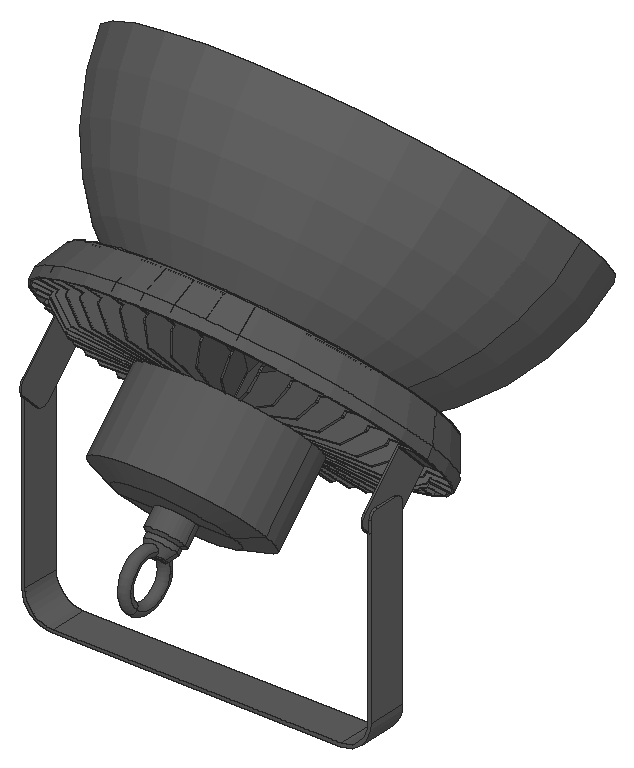
Revit family "0039364+0039355+0039360 Sylvania Lighting Fixture START HighBay IP65 DALI 26000lm 840 MB with BRACKET and ALU SHADE BLACK COLOR FOR 26KLM", category Lighting Fixtures, host Face, Revit 2016
Family settings
  Host = Face
  Part Type = Normal
  Round Connector Dimension = Use Diameter
  OmniClass Number = 23.80.70.00
  OmniClass Title = Lighting
  Cut with Voids When Loaded = No
  Light Source = No
  Shared = No
  Room Calculation Point = No
Parameters (values of type "0039364+0039355+0039360  START HighBay IP65 DALI 26000lm 840 MB with BRACKET and ALU SHADE BLACK COLOR FOR 26KLM")
  Weight = "3.7 kg"
  Wattage Comments = ""
  WarrantyStartDate [instance] = "n/a"
  WarrantyGuarantorParts = "n/a"
  WarrantyDurationUnit = "n/a"
  WarrantyDurationParts = "n/a"
  WarrantyDescription = "n/a"
  Voltage = 0 V
  URL = "http://www.sylvania-lighting.com"
  TypeName = "START HighBay IP65 DALI 26000lm 840 MB with BRACKET and ALU SHADE BLACK COLOR FOR 26KLM"
  TypeHead_FEILO = Start LED Highbay DALI Head : 0039364+0039355+0039360 START HighBay IP65 DALI 26000lm 840 MB with BRACKET and ALU SHADE BLACK COLOR FOR 26KLM
  Type Image = <None>
  Type Comments = "n/a"
  TiltAngle_FEILO [instance] = 45.00°
  ThicknessBracketPlate_FEILO = 3 mm
  SizeBracketS_FEILO = no
  SizeBracketM_FEILO = no
  SerialNumber [instance] = "n/a"
  RadiusBracketTop_FEILO = 7 mm
  RadiusBendOut_FEILO = if(SizeBracketS_FEILO, 18 mm, if(SizeBracketM_FEILO, 24 mm, 28 mm))  # 28 mm
  RadiusBendIn_FEILO = RadiusBendOut_FEILO - ThicknessBracketPlate_FEILO  # 25 mm
  Material_3_FEILO = none
  PowerFactor = 0.95
  PowerConsumption = "190 W"
  NominalLength = 339 mm
  NominalHeight = 189 mm
  NominalDepth = 339 mm
  Name = "START HighBay IP65 DALI 26000lm 840 MB with BRACKET and ALU SHADE BLACK COLOR FOR 26KLM"
  ModelReference = Name  # "START HighBay IP65 DALI 26000lm 840 MB with BRACKET and ALU SHADE BLACK COLOR FOR 26KLM"
  ModelNumber = "0039364+0039355+0039360"
  Model = Name  # "START HighBay IP65 DALI 26000lm 840 MB with BRACKET and ALU SHADE BLACK COLOR FOR 26KLM"
  Material = "aluminium alloy housing, polycarbonate diffuser"
  ManufacturerName = "Feilo Sylvania"
  Manufacturer = "Feilo Sylvania"
  LuminousEfficacy = "130 lm/W"
  LuminaireType = ""
  LightOutputRatio = "n/a"
  LampsType = Lamp  # "LED"
  LampNominalLuminous = "24700 lm"
  LampMacAdamStep = "6"
  LampColourTemperature = "4000 K"
  LampColourRenderingIndex = "80"
  Lamp = "LED"
  Keynote = "16500"
  InstallationDate [instance] = "n/a"
  InputVoltage = "n/a"
  InputNominalFrequency = "50/60 Hz"
  IngressProtection = "IP65"
  ImpactProtectionIndex = "IK08"
  IfcExportType = "IfcLightFixtureType"
  IfcExportAs = "IfcLightFixtureType"
  ExpectedLife = 50000
  EndAngle_FEILO [instance] = TiltAngle_FEILO + 180.00°  # 225.00°
  ElectricShockClassification = "Class I"
  DurationUnit = "hours"
  DocumentationLiterature = "http://www.sylvania-lighting.com/product/en-int/products/0039364"
  DimmingControlOptions = "Dimmable"
  Material_2_FEILO = none
  Description = "START Highbay, includes 1 m cables, black aluminium housing, 24,700 Lm, 190 W, 130 Lm/W, 4000 K, drive current: 4100 mA, CRI 80, 60° beam angle, DALI dimmable, IP65, IK08, 50,000 hrs (L80/B50), (D x H) 339 x 189 mm."
  Default Elevation = 1219.2 mm
  CreatedOn = "5/15/2018"
  CreatedBy = "aron.fodor@sylvania-lighting.com"
  Cost = 0
  built-in parameter 1114216 [instance] = (empty or 0)
  ClassificationValue = "EF_70_80"
  ClassificationName = "Uniclass2015"
  Material_1_FEILO = Body-Sylvania-StartHighbay-Black
  BracketHeight_FEILO = if(SizeBracketS_FEILO, 199.5 mm, if(SizeBracketM_FEILO, 209.6 mm, 201.3 mm))  # 201.3 mm
  BracketDistanceInner_FEILO = if(SizeBracketS_FEILO, 249.4 mm, if(SizeBracketM_FEILO, 273.6 mm, 313.2 mm))  # 313.2 mm
  BarCode [instance] = "n/a"
  AssetType = "Fixed"
  AssetIdentifier [instance] = "n/a"
  Assembly Code = "D5020200"
  Apparent Load = 190 VA
  Material_4_FEILO = none
Reference planes
  plane 1 "Center (Front/Back)": y = 0
  plane 2: z = 0
  plane 3 "Center (Left/Right)": x = 0
  plane 4: x = -159.6
  plane 5: x = 159.6
  plane 6: z = 201.3
  plane 7: x = -156.6
  plane 8: z = 3
  plane 9: x = 156.6
  plane 10: y = 17.5
  plane 11: y = -17.5
  plane 12: y = -19.5
  plane 13: z = 203.3
  plane 14: y = 19.5
  plane 15: z = 192.3
Forms (mm)
  Extrusion 1, solid, material "Body-Sylvania-StartHighbay-Black" <- "Material_1_FEILO"
    sketch origin (0, 0, 0) x (1, 0, 0) y (0, 0, 1)
      loop
        line (-159.6, 201.3) -> (-159.6, 28)
        arc (-159.6, 28) -> (-151.399, 8.201) -> (-131.6, 0) r 28
        line (-131.6, 0) -> (131.6, 0)
        arc (131.6, 0) -> (151.399, 8.201) -> (159.6, 28) r 28
        line (159.6, 28) -> (159.6, 201.3) -> (156.6, 201.3) -> (156.6, 28)
        arc (156.6, 28) -> (149.278, 10.322) -> (131.6, 3) r 25
        line (131.6, 3) -> (-131.6, 3)
        arc (-131.6, 3) -> (-149.278, 10.322) -> (-156.6, 28) r 25
        line (-156.6, 28) -> (-156.6, 201.3) -> (-159.6, 201.3)
    from -17.5 to 17.5
  Extrusion 2, void
    sketch origin (0, 0, 0) x (0, 1, 0) y (0, 0, 1)
      loop
        arc (10.5, 201.3) -> (15.45, 199.25) -> (17.5, 194.3) r 7
        line (17.5, 194.3) -> (19.5, 194.3) -> (19.5, 203.3) -> (-19.5, 203.3) -> (-19.5, 194.3) -> (-17.5, 194.3)
        arc (-17.5, 194.3) -> (-15.45, 199.25) -> (-10.5, 201.3) r 7
        line (-10.5, 201.3) -> (10.5, 201.3)
    from -159.6 to 159.6
  Revolve 3, solid, not visible
    sketch origin (1223.4, -4572, 192.3) x (0, -1, 0) y (1, 0, 0)
      loop
        line (-4572, -1223.4) -> (-4591.5, -1223.4) -> (-4591.5, -1277.783) -> (-4572, -1277.783) -> (-4572, -1223.4)
      axis (-4572, -1223.4) -> (-4572, -1277.783)
    angle from 45 <- "TiltAngle_FEILO" to 225 <- "EndAngle_FEILO"
Cuts and joins
  Extrusion 2 cuts Extrusion 1
Dimensions and locks
  "BracketHeight_FEILO": plane 6 to plane 2
  equal spacing: plane 11, plane 1 "Center (Front/Back)", plane 10
  locked: plane 11 to plane 10 at 35
  equal spacing: plane 9, plane 3 "Center (Left/Right)", plane 7
  "BracketDistanceInner_FEILO": plane 9 to plane 7
  "ThicknessBracketPlate_FEILO": plane 7 to plane 4
  "ThicknessBracketPlate_FEILO": plane 8 to plane 2
  equal spacing: plane 5, plane 3 "Center (Left/Right)", plane 4
  equal spacing: plane 12, plane 1 "Center (Front/Back)", plane 14
  locked: plane 6 to plane 13 at 2
  locked: plane 12 to plane 11 at 2
  locked: plane 6 to plane 15 at 9
  "RadiusBendOut_FEILO": radius of Extrusion 1 sketch curve  (x2)
  "RadiusBendIn_FEILO": radius of Extrusion 1 sketch curve  (x2)
  "RadiusBracketTop_FEILO": radius of Extrusion 2 sketch curve  (x2)
  aligned and locked: plane 2 to host face
  aligned and locked: level to host face
  aligned and locked: Extrusion 1 sketch curve to plane 4
  aligned and locked: Extrusion 1 sketch curve to level
  aligned and locked: plane 6 to Extrusion 1 sketch curve
  aligned and locked: Extrusion 1 sketch curve to plane 6
  aligned and locked: Extrusion 1 sketch curve to plane 7
  aligned and locked: plane 9 to Extrusion 1 sketch curve
  aligned and locked: plane 8 to Extrusion 1 sketch curve
  aligned and locked: Extrusion 1 to plane 10
  aligned and locked: plane 11 to Extrusion 1
  aligned and locked: Extrusion 1 to Extrusion 2 sketch curve
  aligned and locked: plane 14 to Extrusion 2 sketch curve  (x2)
  aligned and locked: Extrusion 2 sketch curve to plane 12
  aligned and locked: plane 13 to Extrusion 2 sketch curve
  aligned and locked: plane 5 to Extrusion 2
  aligned and locked: Extrusion 2 to plane 4
  aligned and locked: Revolve 3 sketch curve to plane 1 "Center (Front/Back)"
  aligned and locked: Revolve 3 sketch curve to Revolve 3 sketch curve
  aligned and locked: plane 3 "Center (Left/Right)" to Revolve 3 sketch curve
  aligned and locked: Revolve 3 sketch curve to plane 14
  aligned and locked: nested 1 to plane 3 "Center (Left/Right)"
Automatic sketch dimensions
  host sketch curve to host sketch curve = 2438.4 mm  (x2)
  Revolve 3 sketch curve to Revolve 3 sketch curve = 54.383 mm
  Revolve 3 sketch curve to plane 4 = 1396.3 mm
  plane 5 to Revolve 3 sketch curve = 1396.3 mm
  Extrusion 1 sketch curve to Extrusion 1 sketch curve = 0 mm
  Extrusion 2 sketch curve to plane 11 = 0 mm
  Extrusion 2 sketch curve to plane 10 = 0 mm
Nested families
  nested 1: "Start LED Highbay DALI Head" at (0, 0, 192.3) x (-1, 0, 0) z (0, 0.7071, 0.7071), type <- "TypeHead_FEILO", type "0039364+0039355+0039360 START HighBay IP65 DALI 26000lm 840 MB with BRACKET and ALU SHADE BLACK COLOR FOR 26KLM"
    with built-in parameter 1114216 (empty or 0)
Connectors
  electrical at (0, 0, 0), driven by "Apparent Load", driven by "PowerFactor", driven by "Voltage"
    settings: index 1, voltage 0 V, apparent load 190 VA, apparent load phase1 0 VA, apparent load phase2 0 VA, apparent load phase3 0 VA, power factor 0.95, load classification "Lighting", number of poles 1, system type 30, power factor state 1, is connector primary yes, connector utility no, sub classification motor no, connector description ""
Definition of nested family "Start LED Highbay DALI Head"
  Parameters (values of type "0039367+0039355+0039361 START HighBay IP65 DALI 26000lm 840 WB with BRACKET and PC LAMPSHADE TRANSPARENT FOR 26KLM")
    X_FEILO = if(SizeS_FEILO, 60.3 mm, if(SizeM_FEILO, 70.4 mm, 83.5 mm))  # 83.5 mm
    WidthStraight_FEILO = if(SizeS_FEILO, 3 mm, if(SizeM_FEILO, 4 mm, 4.7 mm))  # 4.7 mm
    WidthRingChamfer_FEILO = if(SizeS_FEILO, 10.3 mm, if(SizeM_FEILO, 11.2 mm, 12.9 mm))  # 12.9 mm
    WidthCurved_FEILO = if(SizeS_FEILO, 17.4 mm, if(SizeM_FEILO, 16.4 mm, 26.2 mm))  # 26.2 mm
    WidthCurvedRing_FEILO = if(SizeS_FEILO, 3 mm, if(SizeM_FEILO, 4 mm, 4.7 mm))  # 4.7 mm
    WidthBracket_FEILO = 40 mm
    Wattage Comments = ""
    Wattage = 190 W
    built-in parameter 1150110 = 1 (stored number, unit not read)
    URL = "http://www.sylvania-lighting.com"
    Type Image = (empty or 0)
    Type Comments = "n/a"
    built-in parameter 1114217 = 1 (stored number, unit not read)
    Tilt Angle = -90.00°
    ThicknessWall_FEILO = 1.5 mm
    ThicknessBracket_FEILO = 1.5 mm
    ThicknessBracketHalf_FEILO = ThicknessBracket_FEILO / 2  # 0.75 mm
    built-in parameter 1150109 = 1 (stored number, unit not read)
    built-in parameter 1150134 = 1
    built-in parameter 1150113 = 1 (stored number, unit not read)
    SizeS_FEILO = no
    SizeM_FEILO = no
    ShadeThickness_FEILO = 3 mm
    ShadeSizeSM_FEILO = or(SizeS_FEILO, SizeM_FEILO)  # no
    ShadeRadiusOut_FEILO = 205 mm
    ShadeRadiusIn_FEILO = if(ShadeSizeSM_FEILO, 95 mm, 121 mm)  # 121 mm
    ShadeRadiusBend_FEILO = if(ShadeSizeSM_FEILO, 210 mm, 210 mm)  # 210 mm
    ShadeOn_FEILO = yes
    ShadeHeight_FEILO = if(ShadeSizeSM_FEILO, 120 mm, 151 mm)  # 151 mm
    Rib4_FEILO = if(SizeS_FEILO, 18.1 mm, if(SizeM_FEILO, 13.6 mm, 14.6 mm))  # 14.6 mm
    Rib3_FEILO = if(SizeS_FEILO, 15.3 mm, if(SizeM_FEILO, 17.6 mm, 20.2 mm))  # 20.2 mm
    Rib2_FEILO = if(SizeS_FEILO, 3.6 mm, if(SizeM_FEILO, 3.9 mm, 4.5 mm))  # 4.5 mm
    Rib1_FEILO = if(SizeS_FEILO, 15.1 mm, if(SizeM_FEILO, 16.5 mm, 19 mm))  # 19 mm
    RadiusDiffuser_FEILO = if(SizeS_FEILO, 95.2 mm, if(SizeM_FEILO, 105.3 mm, 120 mm))  # 120 mm
    RadiusArrayPost_FEILO = DriverRadius_FEILO - 6 mm  # 70.4 mm
    RHRadius3_FEILO = if(SizeS_FEILO, 6.6 mm, if(SizeM_FEILO, 7.4 mm, 8.6 mm))  # 8.6 mm
    RHRadius2_FEILO = if(SizeS_FEILO, 11 mm, if(SizeM_FEILO, 12 mm, 14 mm))  # 14 mm
    RHRadius1_FEILO = if(SizeS_FEILO, 13.6 mm, if(SizeM_FEILO, 14.9 mm, 17.7 mm))  # 17.7 mm
    RHHeight4_FEILO = if(SizeS_FEILO, 7.3 mm, if(SizeM_FEILO, 8 mm, 9.2 mm))  # 9.2 mm
    RHHeight3_FEILO = if(SizeS_FEILO, 3.6 mm, if(SizeM_FEILO, 3.7 mm, 4.6 mm))  # 4.6 mm
    RHHeight2_FEILO = if(SizeS_FEILO, 2 mm, if(SizeM_FEILO, 2.2 mm, 2.6 mm))  # 2.6 mm
    RHHeight1_FEILO = if(SizeS_FEILO, 11.8 mm, if(SizeM_FEILO, 15.3 mm, 17.4 mm))  # 17.4 mm
    Photometric Web File = "0039367+0039361.ies"
    Material_5_FEILO = none
    Material_3_FEILO = none
    Model = "START HighBay IP65 DALI 26000lm 840 WB with BRACKET and PC LAMPSHADE TRANSPARENT FOR 26KLM"
    Manufacturer = "Feilo Sylvania"
    built-in parameter 1150105 = 33385.3 (stored number, unit not read)
    Lumens = 24700 lm
    built-in parameter 1150115 = 1 (stored number, unit not read)
    built-in parameter 1150137 = (empty or 0)
    built-in parameter 1150139 = (empty or 0)
    built-in parameter 1150112 = 1 (stored number, unit not read)
    built-in parameter 1150114 = 1 (stored number, unit not read)
    Lamp = "LED"
    Keynote = "16500"
    built-in parameter 1150132 = (empty or 0)
    built-in parameter 1150102 = (empty or 0)
    built-in parameter 1150107 = 6500 (stored number, unit not read)
    built-in parameter 1150138 = (empty or 0)
    built-in parameter 1150106 = 333.85 (stored number, unit not read)
    HeightRing_FEILO = if(SizeS_FEILO, 19.8 mm, if(SizeM_FEILO, 32 mm, 36.8 mm))  # 36.8 mm
    HeightRingChamfer_FEILO = if(SizeS_FEILO, 11.7 mm, if(SizeM_FEILO, 23.2 mm, 26.6 mm))  # 26.6 mm
    EyeThickness_FEILO = if(SizeS_FEILO, 8.4 mm, if(SizeM_FEILO, 9.2 mm, 10.5 mm))  # 10.5 mm
    EyeThicknessHalf_FEILO = EyeThickness_FEILO / 2  # 5.25 mm
    EyeInner_FEILO = if(SizeS_FEILO, 13.8 mm, if(SizeM_FEILO, 15.1 mm, 17.3 mm))  # 17.3 mm
    Emit from Circle Diameter = RadiusDiffuser_FEILO * 2  # 240 mm
    Emit Shape Visible in Rendering = no
    built-in parameter 1150104 = 12.077 (stored number, unit not read)
    DriverVerticalStraight_FEILO = if(SizeS_FEILO, 46.5 mm, if(SizeM_FEILO, 49.7 mm, 57 mm))  # 57 mm
    DriverVerticalChamfer_FEILO = if(SizeS_FEILO, 7.5 mm, if(SizeM_FEILO, 8.2 mm, 9.5 mm))  # 9.5 mm
    DriverRadius_FEILO = if(SizeS_FEILO, 61.4 mm, if(SizeM_FEILO, 67.2 mm, 76.4 mm))  # 76.4 mm
    DriverRadiusTop_FEILO = if(SizeS_FEILO, 42 mm, if(SizeM_FEILO, 45.3 mm, 52.4 mm))  # 52.4 mm
    DriverBottom_FEILO = if(SizeS_FEILO, 56 mm, if(SizeM_FEILO, 64.5 mm, 74 mm))  # 74 mm
    Material_2_FEILO = none
    Radius_FEILO = if(SizeS_FEILO, 135 mm, if(SizeM_FEILO, 148 mm, 169.5 mm))  # 169.5 mm
    Dimming Lamp Color Temperature Shift = (empty or 0)
    DiameterWire_FEILO = 3 mm
    DiameterWireSupport_FEILO = 10 mm
    Description = "START Highbay, includes 1 m cables, black aluminium housing, 24,700 Lm, 190 W, 130 Lm/W, 6500 K, drive current: 4100 mA, CRI 80, 90° beam angle, DALI dimmable, IP65, IK08, 50,000 hrs (L80/B50), (D x H) 339 x 189 mm."
    Default Elevation = 1219.2 mm
    Cost = 0
    Color Filter = 16777215
    built-in parameter 1114216 [instance] = (empty or 0)
    Material_1_FEILO = none
    built-in parameter 1114218 = 1 (stored number, unit not read)
    built-in parameter 1150133 = 10 (stored number, unit not read)
    Assembly Code = "D5020200"
    Apparent Load = 190 VA
    Material_4_FEILO = none
  Types (24, lengths in mm): name | X_FEILO | WidthStraight_FEILO | WidthRingChamfer_FEILO | WidthCurved_FEILO | WidthCurvedRing_FEILO | Wattage | built-in parameter 1150134 | SizeS_FEILO | SizeM_FEILO | ShadeSizeSM_FEILO | ShadeRadiusIn_FEILO | ShadeOn_FEILO | ShadeHeight_FEILO | Rib4_FEILO | Rib3_FEILO | Rib2_FEILO | Rib1_FEILO | RadiusDiffuser_FEILO | RadiusArrayPost_FEILO | RHRadius3_FEILO | RHRadius2_FEILO | RHRadius1_FEILO | RHHeight4_FEILO | RHHeight3_FEILO | RHHeight2_FEILO | RHHeight1_FEILO | Photometric Web File | Model | built-in parameter 1150105 | Lumens | built-in parameter 1150107 | built-in parameter 1150106 | HeightRing_FEILO | HeightRingChamfer_FEILO | EyeThickness_FEILO | EyeThicknessHalf_FEILO | EyeInner_FEILO | Emit from Circle Diameter | DriverVerticalStraight_FEILO | DriverVerticalChamfer_FEILO | DriverRadius_FEILO | DriverRadiusTop_FEILO | DriverBottom_FEILO | Radius_FEILO | Description | Apparent Load
    0039367+0039355+0039361 START HighBay IP65 DALI 26000lm 840 WB with BRACKET and PC LAMPSHADE TRANSPARENT FOR 26KLM | 83.5 | 4.7 | 12.9 | 26.2 | 4.7 | 190 W | 1 | no | no | no | 121 | yes | 151 | 14.6 | 20.2 | 4.5 | 19 | 120 | 70.4 | 8.6 | 14 | 17.7 | 9.2 | 4.6 | 2.6 | 17.4 | "0039367+0039361.ies" | "START HighBay IP65 DALI 26000lm 840 WB with BRACKET and PC LAMPSHADE TRANSPARENT FOR 26KLM" | 33385.3 (stored number, unit not read) | 24700 lm | 6500 (stored number, unit not read) | 333.85 (stored number, unit not read) | 36.8 | 26.6 | 10.5 | 5.25 | 17.3 | 240 | 57 | 9.5 | 76.4 | 52.4 | 74 | 169.5 | "START Highbay, includes 1 m cables, black aluminium housing, 24,700 Lm, 190 W, 130 Lm/W, 6500 K, drive current: 4100 mA, CRI 80, 90° beam angle, DALI dimmable, IP65, IK08, 50,000 hrs (L80/B50), (D x H) 339 x 189 mm." | 190 VA
    0039367+0039355+0039360 START HighBay IP65 DALI 26000lm 840 WB with BRACKET and ALU SHADE BLACK COLOR FOR 26KLM | 83.5 | 4.7 | 12.9 | 26.2 | 4.7 | 190 W | 1 | no | no | no | 121 | yes | 151 | 14.6 | 20.2 | 4.5 | 19 | 120 | 70.4 | 8.6 | 14 | 17.7 | 9.2 | 4.6 | 2.6 | 17.4 | "0039367+0039360.ies" | "START HighBay IP65 DALI 26000lm 840 WB with BRACKET and ALU SHADE BLACK COLOR FOR 26KLM" | 33569.2 (stored number, unit not read) | 24700 lm | 6500 (stored number, unit not read) | 335.69 (stored number, unit not read) | 36.8 | 26.6 | 10.5 | 5.25 | 17.3 | 240 | 57 | 9.5 | 76.4 | 52.4 | 74 | 169.5 | "START Highbay, includes 1 m cables, black aluminium housing, 24,700 Lm, 190 W, 130 Lm/W, 6500 K, drive current: 4100 mA, CRI 80, 90° beam angle, DALI dimmable, IP65, IK08, 50,000 hrs (L80/B50), (D x H) 339 x 189 mm." | 190 VA
    0039367+0039355+0039359 START HighBay IP65 DALI 26000lm 840 WB with BRACKET and ALU SHADE ALU COLOR FOR 26KLM | 83.5 | 4.7 | 12.9 | 26.2 | 4.7 | 190 W | 1 | no | no | no | 121 | yes | 151 | 14.6 | 20.2 | 4.5 | 19 | 120 | 70.4 | 8.6 | 14 | 17.7 | 9.2 | 4.6 | 2.6 | 17.4 | "0039367+0039359.ies" | "START HighBay IP65 DALI 26000lm 840 WB with BRACKET and ALU SHADE ALU COLOR FOR 26KLM" | 33569.2 (stored number, unit not read) | 24700 lm | 6500 (stored number, unit not read) | 335.69 (stored number, unit not read) | 36.8 | 26.6 | 10.5 | 5.25 | 17.3 | 240 | 57 | 9.5 | 76.4 | 52.4 | 74 | 169.5 | "START Highbay, includes 1 m cables, black aluminium housing, 24,700 Lm, 190 W, 130 Lm/W, 6500 K, drive current: 4100 mA, CRI 80, 90° beam angle, DALI dimmable, IP65, IK08, 50,000 hrs (L80/B50), (D x H) 339 x 189 mm." | 190 VA
    0039367+0039355 START HighBay IP65 DALI 26000lm 840 WB with BRACKET | 83.5 | 4.7 | 12.9 | 26.2 | 4.7 | 190 W | 1 | no | no | no | 121 | no | 151 | 14.6 | 20.2 | 4.5 | 19 | 120 | 70.4 | 8.6 | 14 | 17.7 | 9.2 | 4.6 | 2.6 | 17.4 | "0039367.ies" | "START HighBay IP65 DALI 26000lm 840 WB with BRACKET" | 13532 (stored number, unit not read) | 24700 lm | 6500 (stored number, unit not read) | 135.32 (stored number, unit not read) | 36.8 | 26.6 | 10.5 | 5.25 | 17.3 | 240 | 57 | 9.5 | 76.4 | 52.4 | 74 | 169.5 | "START Highbay, includes 1 m cables, black aluminium housing, 24,700 Lm, 190 W, 130 Lm/W, 6500 K, drive current: 4100 mA, CRI 80, 90° beam angle, DALI dimmable, IP65, IK08, 50,000 hrs (L80/B50), (D x H) 339 x 189 mm." | 190 VA
    0039366+0039354+0039358 START HighBay IP65 DALI 19000lm 840 WB with BRACKET and PC LAMPSHADE TRANSPARENT 13/19KLM | 70.4 | 4 | 11.2 | 16.4 | 4 | 150 W | 1 | no | yes | yes | 95 | yes | 120 | 13.6 | 17.6 | 3.9 | 16.5 | 105.3 | 61.2 | 7.4 | 12 | 14.9 | 8 | 3.7 | 2.2 | 15.3 | "0039366+0039358.ies" | "START HighBay IP65 DALI 19000lm 840 WB with BRACKET and PC LAMPSHADE TRANSPARENT 13/19KLM" | 26356.9 (stored number, unit not read) | 19500 lm | 6500 (stored number, unit not read) | 263.57 (stored number, unit not read) | 32 | 23.2 | 9.2 | 4.6 | 15.1 | 210.6 | 49.7 | 8.2 | 67.2 | 45.3 | 64.5 | 148 | "START Highbay, includes 1 m cables, black aluminium housing, 19,500 Lm, 150 W, 130 Lm/W, 6500 K, drive current: 3300 mA, CRI 80, 90° beam angle, DALI dimmable, IP65, IK08, 50,000 hrs (L80/B50), (D x H) 296 x 172 mm." | 150 VA
    0039366+0039354+0039357 START HighBay IP65 DALI 19000lm 840 WB with BRACKET and ALU SHADE BLACK COLOR FOR 13/19KLM | 70.4 | 4 | 11.2 | 16.4 | 4 | 150 W | 1 | no | yes | yes | 95 | yes | 120 | 13.6 | 17.6 | 3.9 | 16.5 | 105.3 | 61.2 | 7.4 | 12 | 14.9 | 8 | 3.7 | 2.2 | 15.3 | "0039366+0039357.ies" | "START HighBay IP65 DALI 19000lm 840 WB with BRACKET and ALU SHADE BLACK COLOR FOR 13/19KLM" | 26502 (stored number, unit not read) | 19500 lm | 6500 (stored number, unit not read) | 265.02 (stored number, unit not read) | 32 | 23.2 | 9.2 | 4.6 | 15.1 | 210.6 | 49.7 | 8.2 | 67.2 | 45.3 | 64.5 | 148 | "START Highbay, includes 1 m cables, black aluminium housing, 19,500 Lm, 150 W, 130 Lm/W, 6500 K, drive current: 3300 mA, CRI 80, 90° beam angle, DALI dimmable, IP65, IK08, 50,000 hrs (L80/B50), (D x H) 296 x 172 mm." | 150 VA
    0039366+0039354+0039356 START HighBay IP65 DALI 19000lm 840 WB with BRACKET and ALU SHADE ALU COLOR FOR 13/19KLM | 70.4 | 4 | 11.2 | 16.4 | 4 | 150 W | 1 | no | yes | yes | 95 | yes | 120 | 13.6 | 17.6 | 3.9 | 16.5 | 105.3 | 61.2 | 7.4 | 12 | 14.9 | 8 | 3.7 | 2.2 | 15.3 | "0039366+0039356.ies" | "START HighBay IP65 DALI 19000lm 840 WB with BRACKET and ALU SHADE ALU COLOR FOR 13/19KLM" | 26502 (stored number, unit not read) | 19500 lm | 6500 (stored number, unit not read) | 265.02 (stored number, unit not read) | 32 | 23.2 | 9.2 | 4.6 | 15.1 | 210.6 | 49.7 | 8.2 | 67.2 | 45.3 | 64.5 | 148 | "START Highbay, includes 1 m cables, black aluminium housing, 19,500 Lm, 150 W, 130 Lm/W, 6500 K, drive current: 3300 mA, CRI 80, 90° beam angle, DALI dimmable, IP65, IK08, 50,000 hrs (L80/B50), (D x H) 296 x 172 mm." | 150 VA
    0039366+0039354 START HighBay IP65 DALI 19000lm 840 WB with BRACKET | 70.4 | 4 | 11.2 | 16.4 | 4 | 150 W | 1 | no | yes | yes | 95 | no | 120 | 13.6 | 17.6 | 3.9 | 16.5 | 105.3 | 61.2 | 7.4 | 12 | 14.9 | 8 | 3.7 | 2.2 | 15.3 | "0039366.ies" | "START HighBay IP65 DALI 19000lm 840 WB with BRACKET" | 10981.5 (stored number, unit not read) | 19500 lm | 6500 (stored number, unit not read) | 109.82 (stored number, unit not read) | 32 | 23.2 | 9.2 | 4.6 | 15.1 | 210.6 | 49.7 | 8.2 | 67.2 | 45.3 | 64.5 | 148 | "START Highbay, includes 1 m cables, black aluminium housing, 19,500 Lm, 150 W, 130 Lm/W, 6500 K, drive current: 3300 mA, CRI 80, 90° beam angle, DALI dimmable, IP65, IK08, 50,000 hrs (L80/B50), (D x H) 296 x 172 mm." | 150 VA
    0039365+0039353+0039358 START HighBay IP65 DALI 13000lm 840 WB with BRACKET and PC LAMPSHADE TRANSPARENT 13/19KLM | 60.3 | 3 | 10.3 | 17.4 | 3 | 90 W | 1 | yes | no | yes | 95 | yes | 120 | 18.1 | 15.3 | 3.6 | 15.1 | 95.2 | 55.4 | 6.6 | 11 | 13.6 | 7.3 | 3.6 | 2 | 11.8 | "0039365+0039358.ies" | "START HighBay IP65 DALI 13000lm 840 WB with BRACKET and PC LAMPSHADE TRANSPARENT 13/19KLM" | 15814.1 (stored number, unit not read) | 11700 lm | 6500 (stored number, unit not read) | 158.14 (stored number, unit not read) | 19.8 | 11.7 | 8.4 | 4.2 | 13.8 | 190.4 | 46.5 | 7.5 | 61.4 | 42 | 56 | 135 | "START Highbay, includes 1 m cables, black aluminium housing, 11,700 Lm, 90 W, 130 Lm/W, 6500 K, drive current: 2000 mA, CRI 80, 90° beam angle, DALI dimmable, IP65, IK08, 50,000 hrs (L80/B50), (D x H) 270 x 175 mm." | 90 VA
    0039365+0039353+0039357 START HighBay IP65 DALI 13000lm 840 WB with BRACKET and ALU SHADE BLACK COLOR FOR 13/19KLM | 60.3 | 3 | 10.3 | 17.4 | 3 | 90 W | 1 | yes | no | yes | 95 | yes | 120 | 18.1 | 15.3 | 3.6 | 15.1 | 95.2 | 55.4 | 6.6 | 11 | 13.6 | 7.3 | 3.6 | 2 | 11.8 | "0039365+0039357.ies" | "START HighBay IP65 DALI 13000lm 840 WB with BRACKET and ALU SHADE BLACK COLOR FOR 13/19KLM" | 15901.2 (stored number, unit not read) | 11700 lm | 6500 (stored number, unit not read) | 159.01 (stored number, unit not read) | 19.8 | 11.7 | 8.4 | 4.2 | 13.8 | 190.4 | 46.5 | 7.5 | 61.4 | 42 | 56 | 135 | "START Highbay, includes 1 m cables, black aluminium housing, 11,700 Lm, 90 W, 130 Lm/W, 6500 K, drive current: 2000 mA, CRI 80, 90° beam angle, DALI dimmable, IP65, IK08, 50,000 hrs (L80/B50), (D x H) 270 x 175 mm." | 90 VA
    0039365+0039353+0039356 START HighBay IP65 DALI 13000lm 840 WB with BRACKET and ALU SHADE ALU COLOR FOR 13/19KLM | 60.3 | 3 | 10.3 | 17.4 | 3 | 90 W | 1 | yes | no | yes | 95 | yes | 120 | 18.1 | 15.3 | 3.6 | 15.1 | 95.2 | 55.4 | 6.6 | 11 | 13.6 | 7.3 | 3.6 | 2 | 11.8 | "0039365+0039356.ies" | "START HighBay IP65 DALI 13000lm 840 WB with BRACKET and ALU SHADE ALU COLOR FOR 13/19KLM" | 15901.2 (stored number, unit not read) | 11700 lm | 6500 (stored number, unit not read) | 159.01 (stored number, unit not read) | 19.8 | 11.7 | 8.4 | 4.2 | 13.8 | 190.4 | 46.5 | 7.5 | 61.4 | 42 | 56 | 135 | "START Highbay, includes 1 m cables, black aluminium housing, 11,700 Lm, 90 W, 130 Lm/W, 6500 K, drive current: 2000 mA, CRI 80, 90° beam angle, DALI dimmable, IP65, IK08, 50,000 hrs (L80/B50), (D x H) 270 x 175 mm." | 90 VA
    0039365+0039353 START HighBay IP65 DALI 13000lm 840 WB with BRACKET | 60.3 | 3 | 10.3 | 17.4 | 3 | 90 W | 1 | yes | no | yes | 95 | no | 120 | 18.1 | 15.3 | 3.6 | 15.1 | 95.2 | 55.4 | 6.6 | 11 | 13.6 | 7.3 | 3.6 | 2 | 11.8 | "0039365.ies" | "START HighBay IP65 DALI 13000lm 840 WB with BRACKET" | 6365.5 (stored number, unit not read) | 11700 lm | 6500 (stored number, unit not read) | 63.655 (stored number, unit not read) | 19.8 | 11.7 | 8.4 | 4.2 | 13.8 | 190.4 | 46.5 | 7.5 | 61.4 | 42 | 56 | 135 | "START Highbay, includes 1 m cables, black aluminium housing, 11,700 Lm, 90 W, 130 Lm/W, 6500 K, drive current: 2000 mA, CRI 80, 90° beam angle, DALI dimmable, IP65, IK08, 50,000 hrs (L80/B50), (D x H) 270 x 175 mm." | 90 VA
    0039364+0039355+0039361 START HighBay IP65 DALI 26000lm 840 MB with BRACKET and PC LAMPSHADE TRANSPARENT FOR 26KLM | 83.5 | 4.7 | 12.9 | 26.2 | 4.7 | 190 W | 12 | no | no | no | 121 | yes | 151 | 14.6 | 20.2 | 4.5 | 19 | 120 | 70.4 | 8.6 | 14 | 17.7 | 9.2 | 4.6 | 2.6 | 17.4 | "0039364+0039361.ies" | "START HighBay IP65 DALI 26000lm 840 MB with BRACKET and PC LAMPSHADE TRANSPARENT FOR 26KLM" | 33385.3 (stored number, unit not read) | 24700 lm | 4000 (stored number, unit not read) | 333.85 (stored number, unit not read) | 36.8 | 26.6 | 10.5 | 5.25 | 17.3 | 240 | 57 | 9.5 | 76.4 | 52.4 | 74 | 169.5 | "START Highbay, includes 1 m cables, black aluminium housing, 24,700 Lm, 190 W, 130 Lm/W, 4000 K, drive current: 4100 mA, CRI 80, 60° beam angle, DALI dimmable, IP65, IK08, 50,000 hrs (L80/B50), (D x H) 339 x 189 mm." | 190 VA
    0039364+0039355+0039360 START HighBay IP65 DALI 26000lm 840 MB with BRACKET and ALU SHADE BLACK COLOR FOR 26KLM | 83.5 | 4.7 | 12.9 | 26.2 | 4.7 | 190 W | 12 | no | no | no | 121 | yes | 151 | 14.6 | 20.2 | 4.5 | 19 | 120 | 70.4 | 8.6 | 14 | 17.7 | 9.2 | 4.6 | 2.6 | 17.4 | "0039364+0039360.ies" | "START HighBay IP65 DALI 26000lm 840 MB with BRACKET and ALU SHADE BLACK COLOR FOR 26KLM" | 33569.2 (stored number, unit not read) | 24700 lm | 4000 (stored number, unit not read) | 335.69 (stored number, unit not read) | 36.8 | 26.6 | 10.5 | 5.25 | 17.3 | 240 | 57 | 9.5 | 76.4 | 52.4 | 74 | 169.5 | "START Highbay, includes 1 m cables, black aluminium housing, 24,700 Lm, 190 W, 130 Lm/W, 4000 K, drive current: 4100 mA, CRI 80, 60° beam angle, DALI dimmable, IP65, IK08, 50,000 hrs (L80/B50), (D x H) 339 x 189 mm." | 190 VA
    0039364+0039355+0039359 START HighBay IP65 DALI 26000lm 840 MB with BRACKET and ALU SHADE ALU COLOR FOR 26KLM | 83.5 | 4.7 | 12.9 | 26.2 | 4.7 | 190 W | 12 | no | no | no | 121 | yes | 151 | 14.6 | 20.2 | 4.5 | 19 | 120 | 70.4 | 8.6 | 14 | 17.7 | 9.2 | 4.6 | 2.6 | 17.4 | "0039364+0039359.ies" | "START HighBay IP65 DALI 26000lm 840 MB with BRACKET and ALU SHADE ALU COLOR FOR 26KLM" | 33569.2 (stored number, unit not read) | 24700 lm | 4000 (stored number, unit not read) | 335.69 (stored number, unit not read) | 36.8 | 26.6 | 10.5 | 5.25 | 17.3 | 240 | 57 | 9.5 | 76.4 | 52.4 | 74 | 169.5 | "START Highbay, includes 1 m cables, black aluminium housing, 24,700 Lm, 190 W, 130 Lm/W, 4000 K, drive current: 4100 mA, CRI 80, 60° beam angle, DALI dimmable, IP65, IK08, 50,000 hrs (L80/B50), (D x H) 339 x 189 mm." | 190 VA
    0039364+0039355 START HighBay IP65 DALI 26000lm 840 MB with BRACKET | 83.5 | 4.7 | 12.9 | 26.2 | 4.7 | 190 W | 12 | no | no | no | 121 | no | 151 | 14.6 | 20.2 | 4.5 | 19 | 120 | 70.4 | 8.6 | 14 | 17.7 | 9.2 | 4.6 | 2.6 | 17.4 | "0039364.ies" | "START HighBay IP65 DALI 26000lm 840 MB with BRACKET" | 26901.8 (stored number, unit not read) | 24700 lm | 4000 (stored number, unit not read) | 269.02 (stored number, unit not read) | 36.8 | 26.6 | 10.5 | 5.25 | 17.3 | 240 | 57 | 9.5 | 76.4 | 52.4 | 74 | 169.5 | "START Highbay, includes 1 m cables, black aluminium housing, 24,700 Lm, 190 W, 130 Lm/W, 4000 K, drive current: 4100 mA, CRI 80, 60° beam angle, DALI dimmable, IP65, IK08, 50,000 hrs (L80/B50), (D x H) 339 x 189 mm." | 190 VA
    0039363+0039354+0039358 START HighBay IP65 DALI 19000lm 840 MB with BRACKET and PC LAMPSHADE TRANSPARENT 13/19KLM | 70.4 | 4 | 11.2 | 16.4 | 4 | 150 W | 12 | no | yes | yes | 95 | yes | 120 | 13.6 | 17.6 | 3.9 | 16.5 | 105.3 | 61.2 | 7.4 | 12 | 14.9 | 8 | 3.7 | 2.2 | 15.3 | "0039363+0039358.ies" | "START HighBay IP65 DALI 19000lm 840 MB with BRACKET and PC LAMPSHADE TRANSPARENT 13/19KLM" | 26356.9 (stored number, unit not read) | 19500 lm | 4000 (stored number, unit not read) | 263.57 (stored number, unit not read) | 32 | 23.2 | 9.2 | 4.6 | 15.1 | 210.6 | 49.7 | 8.2 | 67.2 | 45.3 | 64.5 | 148 | "START Highbay, includes 1 m cables, black aluminium housing, 19,500 Lm, 150 W, 130 Lm/W, 4000 K, drive current: 3300 mA, CRI 80, 60° beam angle, DALI dimmable, IP65, IK08, 50,000 hrs (L80/B50), (D x H) 296 x 172 mm." | 150 VA
    0039363+0039354+0039357 START HighBay IP65 DALI 19000lm 840 MB with BRACKET and ALU SHADE BLACK COLOR FOR 13/19KLM | 70.4 | 4 | 11.2 | 16.4 | 4 | 150 W | 12 | no | yes | yes | 95 | yes | 120 | 13.6 | 17.6 | 3.9 | 16.5 | 105.3 | 61.2 | 7.4 | 12 | 14.9 | 8 | 3.7 | 2.2 | 15.3 | "0039363+0039357.ies" | "START HighBay IP65 DALI 19000lm 840 MB with BRACKET and ALU SHADE BLACK COLOR FOR 13/19KLM" | 26502 (stored number, unit not read) | 19500 lm | 4000 (stored number, unit not read) | 265.02 (stored number, unit not read) | 32 | 23.2 | 9.2 | 4.6 | 15.1 | 210.6 | 49.7 | 8.2 | 67.2 | 45.3 | 64.5 | 148 | "START Highbay, includes 1 m cables, black aluminium housing, 19,500 Lm, 150 W, 130 Lm/W, 4000 K, drive current: 3300 mA, CRI 80, 60° beam angle, DALI dimmable, IP65, IK08, 50,000 hrs (L80/B50), (D x H) 296 x 172 mm." | 150 VA
    0039363+0039354+0039356 START HighBay IP65 DALI 19000lm 840 MB with BRACKET and ALU SHADE ALU COLOR FOR 13/19KLM | 70.4 | 4 | 11.2 | 16.4 | 4 | 150 W | 12 | no | yes | yes | 95 | yes | 120 | 13.6 | 17.6 | 3.9 | 16.5 | 105.3 | 61.2 | 7.4 | 12 | 14.9 | 8 | 3.7 | 2.2 | 15.3 | "0039363+0039356.ies" | "START HighBay IP65 DALI 19000lm 840 MB with BRACKET and ALU SHADE ALU COLOR FOR 13/19KLM" | 26502 (stored number, unit not read) | 19500 lm | 4000 (stored number, unit not read) | 265.02 (stored number, unit not read) | 32 | 23.2 | 9.2 | 4.6 | 15.1 | 210.6 | 49.7 | 8.2 | 67.2 | 45.3 | 64.5 | 148 | "START Highbay, includes 1 m cables, black aluminium housing, 19,500 Lm, 150 W, 130 Lm/W, 4000 K, drive current: 3300 mA, CRI 80, 60° beam angle, DALI dimmable, IP65, IK08, 50,000 hrs (L80/B50), (D x H) 296 x 172 mm." | 150 VA
    0039363+0039354 START HighBay IP65 DALI 19000lm 840 MB with BRACKET | 70.4 | 4 | 11.2 | 16.4 | 4 | 150 W | 12 | no | yes | yes | 95 | no | 120 | 13.6 | 17.6 | 3.9 | 16.5 | 105.3 | 61.2 | 7.4 | 12 | 14.9 | 8 | 3.7 | 2.2 | 15.3 | "0039363.ies" | "START HighBay IP65 DALI 19000lm 840 MB with BRACKET" | 22125.4 (stored number, unit not read) | 19500 lm | 4000 (stored number, unit not read) | 221.25 (stored number, unit not read) | 32 | 23.2 | 9.2 | 4.6 | 15.1 | 210.6 | 49.7 | 8.2 | 67.2 | 45.3 | 64.5 | 148 | "START Highbay, includes 1 m cables, black aluminium housing, 19,500 Lm, 150 W, 130 Lm/W, 4000 K, drive current: 3300 mA, CRI 80, 60° beam angle, DALI dimmable, IP65, IK08, 50,000 hrs (L80/B50), (D x H) 296 x 172 mm." | 150 VA
    0039362+0039353+0039358 START HighBay IP65 DALI 13000lm 840 MB with BRACKET and PC LAMPSHADE TRANSPARENT 13/19KLM | 60.3 | 3 | 10.3 | 17.4 | 3 | 90 W | 12 | yes | no | yes | 95 | yes | 120 | 18.1 | 15.3 | 3.6 | 15.1 | 95.2 | 55.4 | 6.6 | 11 | 13.6 | 7.3 | 3.6 | 2 | 11.8 | "0039362+0039358.ies" | "START HighBay IP65 DALI 13000lm 840 MB with BRACKET and PC LAMPSHADE TRANSPARENT 13/19KLM" | 15814.1 (stored number, unit not read) | 11700 lm | 4000 (stored number, unit not read) | 158.14 (stored number, unit not read) | 19.8 | 11.7 | 8.4 | 4.2 | 13.8 | 190.4 | 46.5 | 7.5 | 61.4 | 42 | 56 | 135 | "START Highbay, includes 1 m cables, black aluminium housing, 11,700 Lm, 90 W, 130 Lm/W, 4000 K, drive current: 2000 mA, CRI 80, 60° beam angle, DALI dimmable, IP65, IK08, 50,000 hrs (L80/B50), (D x H) 270 x 175 mm." | 90 VA
    0039362+0039353+0039357 START HighBay IP65 DALI 13000lm 840 MB with BRACKET and ALU SHADE BLACK COLOR FOR 13/19KLM | 60.3 | 3 | 10.3 | 17.4 | 3 | 90 W | 12 | yes | no | yes | 95 | yes | 120 | 18.1 | 15.3 | 3.6 | 15.1 | 95.2 | 55.4 | 6.6 | 11 | 13.6 | 7.3 | 3.6 | 2 | 11.8 | "0039362+0039357.ies" | "START HighBay IP65 DALI 13000lm 840 MB with BRACKET and ALU SHADE BLACK COLOR FOR 13/19KLM" | 15901.2 (stored number, unit not read) | 11700 lm | 4000 (stored number, unit not read) | 159.01 (stored number, unit not read) | 19.8 | 11.7 | 8.4 | 4.2 | 13.8 | 190.4 | 46.5 | 7.5 | 61.4 | 42 | 56 | 135 | "START Highbay, includes 1 m cables, black aluminium housing, 11,700 Lm, 90 W, 130 Lm/W, 4000 K, drive current: 2000 mA, CRI 80, 60° beam angle, DALI dimmable, IP65, IK08, 50,000 hrs (L80/B50), (D x H) 270 x 175 mm." | 90 VA
    0039362+0039353+0039356 START HighBay IP65 DALI 13000lm 840 MB with BRACKET and ALU SHADE ALU COLOR FOR 13/19KLM | 60.3 | 3 | 10.3 | 17.4 | 3 | 90 W | 12 | yes | no | yes | 95 | yes | 120 | 18.1 | 15.3 | 3.6 | 15.1 | 95.2 | 55.4 | 6.6 | 11 | 13.6 | 7.3 | 3.6 | 2 | 11.8 | "0039362+0039356.ies" | "START HighBay IP65 DALI 13000lm 840 MB with BRACKET and ALU SHADE ALU COLOR FOR 13/19KLM" | 15901.2 (stored number, unit not read) | 11700 lm | 4000 (stored number, unit not read) | 159.01 (stored number, unit not read) | 19.8 | 11.7 | 8.4 | 4.2 | 13.8 | 190.4 | 46.5 | 7.5 | 61.4 | 42 | 56 | 135 | "START Highbay, includes 1 m cables, black aluminium housing, 11,700 Lm, 90 W, 130 Lm/W, 4000 K, drive current: 2000 mA, CRI 80, 60° beam angle, DALI dimmable, IP65, IK08, 50,000 hrs (L80/B50), (D x H) 270 x 175 mm." | 90 VA
    0039362+0039353 START HighBay IP65 DALI 13000lm 840 MB with BRACKET | 60.3 | 3 | 10.3 | 17.4 | 3 | 90 W | 12 | yes | no | yes | 95 | no | 120 | 18.1 | 15.3 | 3.6 | 15.1 | 95.2 | 55.4 | 6.6 | 11 | 13.6 | 7.3 | 3.6 | 2 | 11.8 | "0039362.ies" | "START HighBay IP65 DALI 13000lm 840 MB with BRACKET" | 13336.9 (stored number, unit not read) | 11700 lm | 4000 (stored number, unit not read) | 133.37 (stored number, unit not read) | 19.8 | 11.7 | 8.4 | 4.2 | 13.8 | 190.4 | 46.5 | 7.5 | 61.4 | 42 | 56 | 135 | "START Highbay, includes 1 m cables, black aluminium housing, 11,700 Lm, 90 W, 130 Lm/W, 4000 K, drive current: 2000 mA, CRI 80, 60° beam angle, DALI dimmable, IP65, IK08, 50,000 hrs (L80/B50), (D x H) 270 x 175 mm." | 90 VA
  Reference planes
    plane 1 "Center (Front/Back)": y = 0
    plane 2: z = 0
    plane 3 "Center (Left/Right)": x = 0
    plane 4: z = 83.5
    plane 5: x = -169.5
    plane 6: x = -156.6
    plane 7: z = 56.9
    plane 8: z = 46.7
    plane 9: x = -151.9
    plane 10: z = 80.875
    plane 11: x = -125.7
    plane 12: x = -120
    plane 13: x = -147.2
    plane 14: z = 81.875
    plane 15: z = 79.875
    plane 16: x = -117
    plane 17: z = 78.875
    plane 18: x = -168
    plane 19: x = -150.5
    plane 20: z = 42.2
    plane 21: x = -130.3
    plane 22: z = 27.6
    plane 23: x = -20
    plane 24: z = 9.5
    plane 25: x = -76.4
    plane 26: z = -47.5
    plane 27: x = -52.4
    plane 28: z = -57
    plane 29: x = -17.7
    plane 30: z = -74.4
    plane 31: z = -77
    plane 32: x = -14
    plane 33: z = -81.6
    plane 34: z = -90.8
    plane 35: x = -8.6
    plane 36: z = -108.1
    plane 37: z = -125.4
    plane 38: x = 5.25
    plane 39: x = -5.25
    plane 40: z = -135.9
    plane 41: z = -130.65
    plane 42: x = -162.3
    plane 43: x = -167
    plane 44: z = 45.2
    plane 45: x = -155.1
    plane 46: z = -19
    plane 47: y = -20
    plane 48: y = 20
    plane 49: x = 169.5
    plane 50: x = 156.6
    plane 51: x = 168
    plane 52: x = 162.3
    plane 53: x = 167
    plane 54: x = 155.1
    plane 55: x = -205
    plane 56: z = 234.5
    plane 57: x = -121
    plane 58: x = -113
    plane 59: x = -202
    plane 60: z = 86.5
  Forms (mm)
    Extrusion 1, solid
      sketch origin (4.2, 0, 0) x (1, 0, 0) y (0, 1, 0)
        loop
          line (-1219.2, 1219.2) -> (-1219.2, -1219.2) -> (1219.2, -1219.2) -> (1219.2, 1219.2) -> (-1219.2, 1219.2)
      from 0 to -68.017
    Revolve 2, solid, material <- "Material_1_FEILO", detail levels medium+fine
      sketch origin (0, 0, 0) x (1, 0, 0) y (0, 0, 1)
        loop
          line (-169.5, 46.7) -> (-168, 46.7) -> (-168, 56.555) -> (-156.206, 80.875) -> (-147.2, 80.875) -> (-147.2, 82.637)
          arc (-147.2, 82.637) -> (-149.554, 83.047) -> (-151.9, 83.5) r 132.063
          line (-151.9, 83.5) -> (-156.141, 83.5)
          arc (-156.141, 83.5) -> (-156.63, 83.326) -> (-156.899, 82.883) r 0.774
          line (-156.899, 82.883) -> (-169.5, 56.9) -> (-169.5, 46.7)
        axis (0, 83.5) -> (0, 46.7)
      angle from 360 to 0
    Revolve 3, solid, material <- "Material_1_FEILO", detail levels medium+fine
      sketch origin (0, 0, 0) x (1, 0, 0) y (0, 0, 1)
        loop
          line (-125.7, 78.875) -> (-120, 78.875) -> (-120, 56.9) -> (0, 56.9) -> (0, 78.875) -> (-117, 78.875) -> (-117, 79.875) -> (-120, 79.875) -> (-120, 80.875) -> (-125.7, 80.875) -> (-125.7, 78.875)
        axis (0, 80.875) -> (0, 56.9)
      angle from 360 to 0
    Revolve 4, solid, material <- "Material_2_FEILO", detail levels medium+fine
      sketch origin (0, 0, 0) x (1, 0, 0) y (0, 0, 1)
        loop
          line (-120, 79.875) -> (0, 79.875) -> (0, 81.875) -> (-120, 81.875) -> (-120, 79.875)
        axis (0, 81.875) -> (0, 79.875)
      angle from 360 to 0
    Revolve 5, solid, material <- "Material_1_FEILO"
      sketch origin (0, 0, 0) x (1, 0, 0) y (0, 0, 1)
        loop
          line (-76.4, 27.6) -> (-76.4, -47.5) -> (-52.4, -57) -> (-17.7, -57) -> (-17.7, -74.4) -> (-14, -77) -> (-14, -81.6) -> (-9.037, -90.074)
          arc (-9.037, -90.074) -> (-8.49, -90.606) -> (-7.753, -90.8) r 1.5
          line (-7.753, -90.8) -> (0, -90.8) -> (0, 27.6) -> (-76.4, 27.6)
        axis (0, 27.6) -> (0, -90.8)
      angle from 360 to 0
    Revolve 6, solid, material <- "Material_1_FEILO"
      sketch origin (0, 0, 0) x (1, 0, 0) y (0, 0, 1)
        loop
          circle (0, -130.65) r 5.25
        axis (5.25, -108.1) -> (-5.25, -108.1)
      angle from 360 to 0
    Extrusion 7, solid, material <- "Material_1_FEILO"
      sketch origin (0, 0, 0) x (1, 0, 0) y (0, 0, 1)
        loop
          line (-167, 46.7) -> (-167, 45.2) -> (-157.35, 45.2)
          arc (-157.35, 45.2) -> (-156.82, 44.98) -> (-156.6, 44.45) r 0.75
          line (-156.6, 44.45) -> (-156.6, -19) -> (-155.1, -19) -> (-155.1, 45.2)
          arc (-155.1, 45.2) -> (-155.539, 46.261) -> (-156.6, 46.7) r 1.5
          line (-156.6, 46.7) -> (-167, 46.7)
        loop
          line (167, 46.7) -> (156.6, 46.7)
          arc (156.6, 46.7) -> (155.539, 46.261) -> (155.1, 45.2) r 1.5
          line (155.1, 45.2) -> (155.1, -19) -> (156.6, -19) -> (156.6, 44.45)
          arc (156.6, 44.45) -> (156.82, 44.98) -> (157.35, 45.2) r 0.75
          line (157.35, 45.2) -> (167, 45.2) -> (167, 46.7)
      from -20 to 20
    Extrusion 8, void
      sketch origin (0, 0, 0) x (0, 1, 0) y (0, 0, 1)
        loop
          arc (-10, -19) -> (-17.071, -16.071) -> (-20, -9) r 10
          line (-20, -9) -> (-25, -9) -> (-25, -24) -> (-10, -24) -> (-10, -19)
        loop
          line (10, -19) -> (10, -24) -> (25, -24) -> (25, -9) -> (20, -9)
          arc (20, -9) -> (17.071, -16.071) -> (10, -19) r 10
      from -156.6 to 156.6
    Revolve 9, solid, material <- "Material_1_FEILO", detail levels coarse
      sketch origin (0, 0, 0) x (1, 0, 0) y (0, 0, 1)
        loop
          line (0, 83.5) -> (-156.6, 83.5) -> (-169.5, 56.9) -> (-169.5, 46.7) -> (-150.5, 46.7) -> (-150.5, 42.2) -> (-130.3, 27.6) -> (0, 27.6) -> (0, 83.5)
        axis (0, 83.5) -> (0, 27.6)
      angle from 360 to 0
    Revolve 10, solid, material <- "Material_4_FEILO", visible <- "ShadeOn_FEILO"
      sketch origin (0, 0, 0) x (1, 0, 0) y (0, 0, 1)
        loop
          line (-121, 83.5) -> (-113, 83.5) -> (-113, 86.5) -> (-120.341, 86.5)
          arc (-120.341, 86.5) -> (-177.055, 151.769) -> (-202.193, 234.5) r 207.203
          line (-202.193, 234.5) -> (-205, 234.5)
          arc (-205, 234.5) -> (-179.25, 149.96) -> (-121, 83.5) r 210
        axis (0, 234.5) -> (0, 83.5)
      angle from 360 to 0
  Cuts and joins
    Extrusion 8 cuts Extrusion 7
  Lines and regions (mm)
    reference lines
      curve 1: line (-169.5, 0, 56.9) -> (-156.6, 0, 83.5)
      curve 2: line (-125.7, 0, 80.875) -> (0, 0, 80.875)
      curve 3: arc (-125.7, 0, 80.875) -> (-138.866, 0, 81.533) -> (-151.9, 0, 83.5) r 132.063
      curve 4: line (-156.6, 0, 83.5) -> (-151.9, 0, 83.5)
      curve 5: line (-156.206, 0, 80.875) -> (-168, 0, 56.555)
      curve 6: line (-150.5, 0, 42.2) -> (-130.3, 0, 27.6)
      curve 7: line (-14, 0, -81.6) -> (-8.6, 0, -90.8)
      curve 8: circle (0, 0, -130.65) r 5.25 normal (0, -1, 0)
      curve 9: arc (-121, 0, 83.5) -> (-179.25, 0, 149.96) -> (-205, 0, 234.5) r 210
  Dimensions and locks
    "Radius_FEILO": plane 3 "Center (Left/Right)" to plane 5
    "WidthRingChamfer_FEILO": plane 6 to plane 5
    "WidthStraight_FEILO": plane 9 to plane 6
    "WidthCurvedRing_FEILO": plane 13 to plane 9
    locked: plane 10 to plane 15 at 1
    locked: plane 14 to plane 10 at 1
    locked: plane 4 to plane 10 at 2.625
    locked: plane 15 to plane 17 at 1
    "ThicknessWall_FEILO": plane 18 to plane 5
    "ThicknessWall_FEILO": curve 5 to curve 1
    "HeightRingChamfer_FEILO": plane 4 to plane 7
    "HeightRing_FEILO": plane 4 to plane 8
    "RadiusDiffuser_FEILO": plane 3 "Center (Left/Right)" to plane 12
    locked: plane 16 to plane 12 at 3
    "WidthCurved_FEILO": plane 11 to plane 9
    "X_FEILO": plane 4 to plane 2
    "Rib1_FEILO": plane 19 to plane 5
    "Rib2_FEILO": plane 8 to plane 20
    "Rib3_FEILO": plane 21 to plane 19
    "Rib4_FEILO": plane 20 to plane 22
    locked: plane 3 "Center (Left/Right)" to plane 23 at 20
    "DriverBottom_FEILO": plane 4 to plane 24
    "DriverRadius_FEILO": plane 3 "Center (Left/Right)" to plane 25
    "DriverVerticalStraight_FEILO": plane 24 to plane 26
    "DriverRadiusTop_FEILO": plane 3 "Center (Left/Right)" to plane 27
    "DriverVerticalChamfer_FEILO": plane 26 to plane 28
    "RHRadius1_FEILO": plane 3 "Center (Left/Right)" to plane 29
    "RHHeight2_FEILO": plane 30 to plane 31
    "RHRadius2_FEILO": plane 3 "Center (Left/Right)" to plane 32
    "RHHeight3_FEILO": plane 31 to plane 33
    "RHHeight4_FEILO": plane 33 to plane 34
    "RHRadius3_FEILO": plane 3 "Center (Left/Right)" to plane 35
    "RHHeight1_FEILO": plane 28 to plane 30
    "EyeInner_FEILO": plane 34 to plane 36
    "EyeInner_FEILO": plane 36 to plane 37
    equal spacing: plane 38, plane 3 "Center (Left/Right)", plane 39
    "EyeThickness_FEILO": plane 38 to plane 39
    "EyeThickness_FEILO": plane 37 to plane 40
    equal spacing: plane 37, plane 41, plane 40
    equal spacing: plane 6, plane 42, plane 18
    "ThicknessBracket_FEILO": plane 45 to plane 6
    "ThicknessBracket_FEILO": plane 8 to plane 44
    locked: plane 43 to plane 18 at 1
    equal spacing: plane 24, plane 46, plane 26
    equal spacing: plane 47, plane 1 "Center (Front/Back)", plane 48
    "WidthBracket_FEILO": plane 47 to plane 48
    "WidthRingChamfer_FEILO": plane 50 to plane 49
    "ThicknessWall_FEILO": plane 51 to plane 49
    equal spacing: plane 50, plane 52, plane 51
    "ThicknessBracket_FEILO": plane 54 to plane 50
    locked: plane 53 to plane 51 at 1
    "Radius_FEILO": plane 49 to plane 3 "Center (Left/Right)"
    "ShadeRadiusOut_FEILO": plane 3 "Center (Left/Right)" to plane 55
    "ShadeHeight_FEILO": plane 56 to plane 4
    "ShadeRadiusIn_FEILO": plane 3 "Center (Left/Right)" to plane 57
    locked: plane 58 to plane 57 at 8
    "ShadeThickness_FEILO": plane 60 to plane 4
    "ShadeThickness_FEILO": plane 59 to plane 55
    "EyeThicknessHalf_FEILO": radius of curve 8
    "ThicknessBracket_FEILO": radius of Extrusion 7 sketch curve  (x2)
    "ThicknessBracketHalf_FEILO": radius of Extrusion 7 sketch curve  (x2)
    "ShadeRadiusBend_FEILO": radius of curve 9
    aligned and locked: plane 2 to Extrusion 1
    aligned and locked: level to Extrusion 1
    aligned and locked: plane 5 to curve 1
    aligned and locked: plane 6 to curve 1
    aligned and locked: plane 7 to curve 1
    aligned and locked: plane 10 to curve 2
    aligned and locked: plane 9 to curve 3
    aligned and locked: plane 4 to curve 3
    aligned and locked: plane 11 to curve 3
    aligned and locked: plane 4 to curve 4
    aligned and locked: plane 18 to curve 5
    aligned and locked: plane 10 to curve 5
    aligned and locked: Revolve 2 sketch curve to plane 3 "Center (Left/Right)"
    aligned and locked: Revolve 2 sketch curve to curve 3
    aligned and locked: Revolve 2 sketch curve to curve 1
    aligned and locked: plane 4 to Revolve 2 sketch curve
    aligned and locked: plane 9 to Revolve 2 sketch curve
    aligned and locked: Revolve 2 sketch curve to plane 13
    aligned and locked: Revolve 2 sketch curve to plane 10
    aligned and locked: plane 13 to Revolve 2 sketch curve
    aligned and locked: plane 10 to Revolve 2 sketch curve
    aligned and locked: Revolve 2 sketch curve to plane 18
    aligned and locked: Revolve 2 sketch curve to plane 8
    aligned and locked: plane 5 to Revolve 2 sketch curve  (x2)
    aligned and locked: Revolve 3 sketch curve to plane 3 "Center (Left/Right)"
    aligned and locked: plane 11 to Revolve 3 sketch curve
    aligned and locked: Revolve 3 sketch curve to curve 2
    aligned and locked: plane 15 to Revolve 3 sketch curve
    aligned and locked: Revolve 3 sketch curve to plane 16
    aligned and locked: plane 17 to Revolve 3 sketch curve  (x2)
    aligned and locked: Revolve 3 sketch curve to plane 12
    aligned and locked: plane 7 to Revolve 3 sketch curve
    aligned and locked: Revolve 4 sketch curve to plane 3 "Center (Left/Right)"
    aligned and locked: Revolve 4 sketch curve to plane 14
    aligned and locked: plane 3 "Center (Left/Right)" to Revolve 4 sketch curve
    aligned and locked: Revolve 4 sketch curve to plane 12
    aligned and locked: plane 15 to Revolve 4 sketch curve
    aligned and locked: Revolve 2 sketch curve to curve 5
    aligned and locked: plane 22 to curve 6
    aligned and locked: plane 21 to curve 6
    aligned and locked: plane 20 to curve 6
    aligned and locked: plane 19 to curve 6
    aligned and locked: plane 33 to curve 7
    aligned and locked: plane 32 to curve 7
    aligned and locked: plane 35 to curve 7
    aligned and locked: plane 34 to curve 7
    aligned and locked: Revolve 5 sketch curve to plane 3 "Center (Left/Right)"
    aligned and locked: Revolve 5 sketch curve to plane 25
    aligned and locked: plane 27 to Revolve 5 sketch curve
    aligned and locked: plane 28 to Revolve 5 sketch curve
    aligned and locked: plane 30 to Revolve 5 sketch curve
    aligned and locked: Revolve 5 sketch curve to plane 29
    aligned and locked: plane 31 to Revolve 5 sketch curve
    aligned and locked: Revolve 5 sketch curve to curve 7
    aligned and locked: Revolve 5 sketch curve to plane 32
    aligned and locked: plane 34 to Revolve 5 sketch curve
    aligned and locked: plane 3 "Center (Left/Right)" to Revolve 5 sketch curve
    aligned and locked: plane 3 "Center (Left/Right)" to curve 8
    aligned and locked: plane 41 to curve 8
    aligned and locked: Revolve 6 sketch curve to plane 36
    aligned and locked: Revolve 6 sketch curve to curve 8
    aligned and locked: plane 43 to Extrusion 7 sketch curve  (x2)
    aligned and locked: plane 8 to Extrusion 7 sketch curve  (x3)
    aligned and locked: Extrusion 7 sketch curve to plane 45
    aligned and locked: Extrusion 7 sketch curve to plane 46  (x2)
    aligned and locked: plane 6 to Extrusion 7 sketch curve
    aligned and locked: Extrusion 7 sketch curve to plane 44  (x2)
    aligned and locked: Extrusion 7 to plane 48
    aligned and locked: plane 47 to Extrusion 7
    aligned and locked: plane 53 to Extrusion 7 sketch curve
    aligned and locked: plane 50 to Extrusion 7 sketch curve
    aligned and locked: Extrusion 7 sketch curve to plane 54
    aligned and locked: Extrusion 8 sketch curve to Extrusion 8 sketch curve
    aligned and locked: Extrusion 8 to plane 6
    aligned and locked: Extrusion 8 to Extrusion 7
    aligned and locked: Revolve 5 sketch curve to plane 22
    aligned and locked: plane 23 to nested 1
    aligned and locked: plane 1 "Center (Front/Back)" to nested 1
    aligned and locked: Revolve 9 sketch curve to plane 3 "Center (Left/Right)"
    aligned and locked: Revolve 9 sketch curve to plane 4
    aligned and locked: plane 6 to Revolve 9 sketch curve
    aligned and locked: plane 4 to Revolve 9 sketch curve
    aligned and locked: plane 7 to Revolve 9 sketch curve
    aligned and locked: Revolve 9 sketch curve to plane 5
    aligned and locked: plane 8 to Revolve 9 sketch curve  (x2)
    aligned and locked: Revolve 9 sketch curve to plane 19
    aligned and locked: plane 20 to Revolve 9 sketch curve
    aligned and locked: plane 19 to Revolve 9 sketch curve
    aligned and locked: plane 21 to Revolve 9 sketch curve
    aligned and locked: plane 22 to Revolve 9 sketch curve  (x2)
    aligned and locked: Revolve 9 sketch curve to Revolve 9 sketch curve
    aligned and locked: imposter light to plane 4
    aligned and locked: plane 3 "Center (Left/Right)" to imposter light
    aligned and locked: imposter light to plane 1 "Center (Front/Back)"
    aligned and locked: plane 55 to curve 9
    aligned and locked: plane 56 to curve 9
    aligned and locked: plane 57 to curve 9
    aligned and locked: plane 4 to curve 9
    aligned and locked: Revolve 10 sketch curve to curve 9
    aligned and locked: plane 58 to Revolve 10 sketch curve
    aligned and locked: plane 57 to Revolve 10 sketch curve
    aligned and locked: plane 56 to Revolve 10 sketch curve  (x2)
    aligned and locked: Revolve 10 sketch curve to plane 58
    aligned and locked: plane 60 to Revolve 10 sketch curve
  Automatic sketch dimensions
    Extrusion 1 sketch curve to Extrusion 1 sketch curve = 2438.4 mm  (x2)
    Revolve 2 sketch curve to plane 6 = 0.299 mm
    plane 6 to Revolve 2 sketch curve = 0.459 mm
    Revolve 2 sketch curve to level = 609.6 mm
    Revolve 2 sketch curve to Revolve 2 sketch curve = 2312.223 mm
    Revolve 3 sketch curve to plane 12 = 0 mm
    Revolve 3 sketch curve to plane 3 "Center (Left/Right)" = 0 mm
    Revolve 3 sketch curve to level = 609.6 mm
    Revolve 3 sketch curve to plane 4 = 2339.058 mm
    Revolve 4 sketch curve to level = 609.6 mm
    Revolve 4 sketch curve to plane 4 = 2339.058 mm
    Revolve 6 sketch curve to plane 5 = 1080 mm
    plane 38 to Revolve 6 sketch curve = 1219.2 mm
    Extrusion 8 sketch curve to plane 47 = 0 mm
    plane 46 to Extrusion 8 sketch curve = 0 mm  (x2)
    Extrusion 8 sketch curve to plane 48 = 0 mm
    plane 47 to Extrusion 8 sketch curve = 5 mm
    plane 1 "Center (Front/Back)" to Extrusion 8 sketch curve = 10 mm
    Extrusion 8 sketch curve to Extrusion 8 sketch curve = 10 mm
    plane 46 to Extrusion 8 sketch curve = 5 mm
    Extrusion 8 sketch curve to Extrusion 8 sketch curve = 5 mm
    Extrusion 8 sketch curve to plane 48 = 5 mm
    Revolve 5 sketch curve to plane 26 = 0 mm
    Revolve 5 sketch curve to plane 35 = 0.437 mm
    plane 35 to Revolve 5 sketch curve = 0.847 mm
    Revolve 5 sketch curve to plane 34 = 0.726 mm
    plane 40 to Revolve 5 sketch curve = 590.2 mm
    Revolve 5 sketch curve to plane 4 = 2339.058 mm
    Revolve 9 sketch curve to level = 609.6 mm
    Revolve 9 sketch curve to Revolve 9 sketch curve = 2386.058 mm
    curve 2 to plane 3 "Center (Left/Right)" = 0 mm
    Revolve 10 sketch curve to Revolve 10 sketch curve = 0 mm  (x2)
    Revolve 10 sketch curve to plane 3 "Center (Left/Right)" = 0 mm
    plane 57 to Revolve 10 sketch curve = 0.659 mm
    Revolve 10 sketch curve to level = 609.6 mm
    Revolve 10 sketch curve to Revolve 10 sketch curve = 2068.248 mm
  Nested families
    nested 1: "Start Highbay Rib" at (0, 0, 80.875), type "Type Name", detail levels medium+fine
      with SuspensionHeight_FEILO 2.6 mm
    nested 2: "Start Highbay Rib" at (0, 0, 80.875) x (0.9877, 0.1564, 0) z (0, 0, 1), type "Type Name", detail levels medium+fine
      with SuspensionHeight_FEILO 2.6 mm
    nested 3: "Start Highbay Rib" at (0, 0, 80.875) x (0.9511, 0.309, 0) z (0, 0, 1), type "Type Name", detail levels medium+fine
      with SuspensionHeight_FEILO 2.6 mm
    nested 4: "Start Highbay Rib" at (0, 0, 80.875) x (0.891, 0.454, 0) z (0, 0, 1), type "Type Name", detail levels medium+fine
      with SuspensionHeight_FEILO 2.6 mm
    nested 5: "Start Highbay Rib" at (0, 0, 80.875) x (0.809, 0.5878, 0) z (0, 0, 1), type "Type Name", detail levels medium+fine
      with SuspensionHeight_FEILO 2.6 mm
